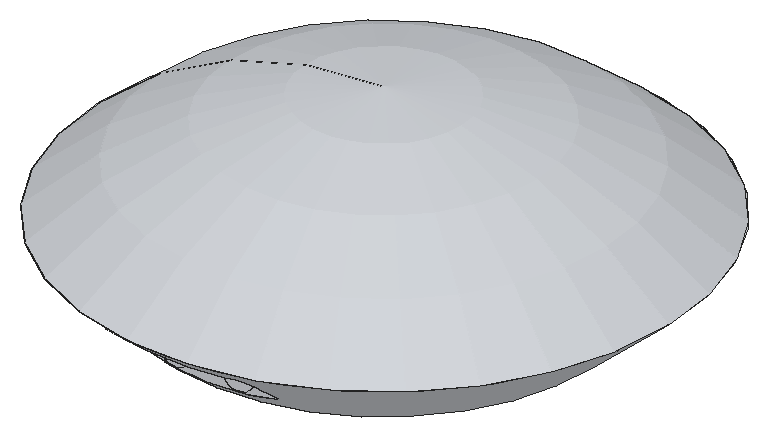
Revit family "0049004 Sylvania Lighting Fixture Start Surface IP66 1450lm 830 MW IK10 WHT", category Lighting Fixtures, host Face, Revit 2016
Family settings
  Host = Face
  Part Type = Normal
  Round Connector Dimension = Use Diameter
  OmniClass Number = 23.80.70.00
  OmniClass Title = Lighting
  Cut with Voids When Loaded = No
  Light Source = Yes
  Shared = No
  Room Calculation Point = No
Parameters (values of type "Type Name")
  power entry width = 90 mm
  power entry height = 28 mm
  power connector height = 12.5 mm
  power connector centres = 39 mm
  height = 110 mm
  connector position 2 = 40 mm
  connector length = 2 mm
  base height = 40 mm
  backplate diameter = 256 mm
  Weight = ""
  Wattage Comments = ""
  Wattage = 9.2903 W
  WarrantyStartDate [instance] = "n/a"
  WarrantyGuarantorParts = "n/a"
  WarrantyDurationUnit = "n/a"
  WarrantyDurationParts = "n/a"
  WarrantyDescription = "n/a"
  built-in parameter 1150110 = 1 (stored number, unit not read)
  Voltage = 0 V
  URL = "http://www.feilosylvania.com"
  TypeName = ""
  Type Image = <None>
  Type Comments = "n/a"
  Tube Diameter = 80 mm
  built-in parameter 1114217 = 1 (stored number, unit not read)
  Tilt Angle = 90.00°
  built-in parameter 1150109 = 1 (stored number, unit not read)
  built-in parameter 1150134 = 3
  built-in parameter 1150113 = 1 (stored number, unit not read)
  SerialNumber [instance] = "n/a"
  Photometric Web File = "0049004-300mA.ies"
  Material_3_FEILO = none
  PowerFactor = 0
  PowerConsumption = ""
  NominalLength = 0 mm
  NominalHeight = 0 mm
  NominalDepth = 0 mm
  Name = ""
  ModelReference = Name  # ""
  ModelNumber = ""
  Model = Name  # ""
  Material = ""
  ManufacturerName = "Feilo Sylvania"
  Manufacturer = "Feilo Sylvania"
  LuminousEfficacy = ""
  built-in parameter 1150105 = 109.82 (stored number, unit not read)
  Lumens = 1380 lm
  LuminaireType = ""
  built-in parameter 1150115 = 1 (stored number, unit not read)
  LightOutputRatio = ""
  built-in parameter 1150137 = (empty or 0)
  built-in parameter 1150139 = (empty or 0)
  LampsType = Lamp  # ""
  LampNominalLuminous = ""
  LampMacAdamStep = ""
  LampColourTemperature = ""
  LampColourRenderingIndex = ""
  built-in parameter 1150112 = 1 (stored number, unit not read)
  built-in parameter 1150114 = 1 (stored number, unit not read)
  Lamp = ""
  Keynote = "16500"
  InstallationDate [instance] = "n/a"
  InputVoltage = ""
  InputNominalFrequency = ""
  built-in parameter 1150132 = (empty or 0)
  built-in parameter 1150102 = (empty or 0)
  built-in parameter 1150107 = 3200 (stored number, unit not read)
  built-in parameter 1150138 = (empty or 0)
  IngressProtection = ""
  ImpactProtectionIndex = ""
  built-in parameter 1150106 = 1.0982 (stored number, unit not read)
  IfcExportType = "IfcLightFixtureType"
  IfcExportAs = "IfcLightFixtureType"
  Height = 250 mm
  ExpectedLife = 50000
  Emit from Circle Diameter = 609.6 mm
  Emit Shape Visible in Rendering = no
  ElectricShockClassification = ""
  built-in parameter 1150104 = 13.8 (stored number, unit not read)
  DurationUnit = "hours"
  DocumentationLiterature = ""
  DimmingControlOptions = ""
  Material_2_FEILO = none
  Dimming Lamp Color Temperature Shift = <None>
  Diameter = 350 mm
  Description = ""
  Default Elevation = 1219.2 mm
  CreatedOn = ""
  CreatedBy = ""
  Cost = 0
  Color Filter = 16777215
  built-in parameter 1114216 [instance] = (empty or 0)
  ClassificationValue = "EF_70_80"
  ClassificationName = "Uniclass2015"
  Material_1_FEILO = none
  BarCode [instance] = "n/a"
  built-in parameter 1114218 = 1 (stored number, unit not read)
  built-in parameter 1150133 = 10 (stored number, unit not read)
  AssetType = ""
  AssetIdentifier [instance] = "n/a"
  Assembly Code = "D5020200"
  Apparent Load = 0 VA
  Material_4_FEILO = none
Reference planes
  plane 1 "Center (Front/Back)": y = 0
  plane 2: z = 0
  plane 3 "Center (Left/Right)": x = 0
  plane 4: z = 0
  plane 5: y = 128
  plane 6: y = -128
  plane 7: y = 175
  plane 8: y = -175
  plane 9: z = 40
  plane 10: z = 110
  plane 11: x = -45.686
  plane 12: x = 44.314
  plane 13: z = 5
  plane 14: z = 33
  plane 15: y = -135
  plane 16: x = 19.5
  plane 17: x = -19.5
  plane 18: z = 20.5
  plane 19: y = -137
  plane 20: y = 135
Forms (mm)
  Blend 1, solid, detail levels medium+fine
    base sketch origin (4.2, 0, 0) x (1, 0, 0) y (0, 1, 0)
      loop
        circle (-4.2, 0) r 128
    top sketch origin (4.2, 0, 0) x (1, 0, 0) y (0, 1, 0)
      loop
        circle (-4.2, 0) r 175
    from 0 to 40
  Revolve 2, solid, detail levels medium+fine
    sketch origin (0, 0, 0) x (1, 0, 0) y (0, 0, 1)
      loop
        arc (175, 40) -> (94.148, 91.621) -> (0, 110) r 257.018
        line (0, 110) -> (0, 40) -> (175, 40)
      axis (0, 110) -> (0, 40)
    angle from -180 to 179.914
  Extrusion 3, void
    sketch origin (0, 0, 0) x (1, 0, 0) y (0, 0, 1)
      loop
        line (-45.686, 25.025) -> (-45.686, 5) -> (44.314, 5) -> (44.314, 25.025)
        arc (44.314, 25.025) -> (42.644, 30.018) -> (38.304, 33) r 8.297
        line (38.304, 33) -> (-39.676, 33)
        arc (-39.676, 33) -> (-44.015, 30.018) -> (-45.686, 25.025) r 8.297
    from 135 to 166.869
  Extrusion 4, solid, detail levels fine
    sketch origin (1524, -324.9, 1219.2) x (1, 0, 0) y (0, 0, 1)
      loop
        circle (-1504.5, -1198.7) r 11
      loop
        circle (-1543.5, -1198.7) r 11
    from -189.9 to -187.9
  Extrusion 5, void
    sketch origin (-0.686, -5.131, 0) x (-1, 0, 0) y (0, 0, 1)
      loop
        line (-45.686, 25.025) -> (-45.686, 5) -> (44.314, 5) -> (44.314, 25.025)
        arc (44.314, 25.025) -> (42.644, 30.018) -> (38.304, 33) r 8.297
        line (38.304, 33) -> (-39.676, 33)
        arc (-39.676, 33) -> (-44.015, 30.018) -> (-45.686, 25.025) r 8.297
    from 140.131 to 175.131
  Extrusion 6, solid
    sketch origin (1524, -52.9, 1219.2) x (1, 0, 0) y (0, 0, 1)
      loop
        circle (-1504.5, -1198.7) r 11
      loop
        circle (-1543.5, -1198.7) r 11
    from -189.9 to -187.9
  Extrusion 7, solid, detail levels coarse
    sketch origin (0, 1219.2, 38) x (1, 0, 0) y (0, 1, 0)
      loop
        line (175.117, -1396.13) -> (175.117, -1044.2) -> (-175, -1044.2) -> (-175, -1396.13) -> (175.117, -1396.13)
    from -38 to 72
Cuts and joins
  Extrusion 3, Extrusion 5 cuts Blend 1
  Extrusion 5 cuts Extrusion 4
Dimensions and locks
  "backplate diameter": plane 5 to plane 6
  equal spacing: plane 5, plane 1 "Center (Front/Back)", plane 6
  "Diameter": plane 7 to plane 8
  equal spacing: plane 7, plane 1 "Center (Front/Back)", plane 8
  "base height": plane 9 to level
  "height": plane 10 to host face
  "power entry width": plane 12 to plane 11
  plane 12 to imposter light to plane 11 = 44.201 mm, 45.799 mm
  "power entry height": plane 14 to plane 13
  "power connector centres": plane 17 to plane 16
  equal spacing: plane 17, plane 3 "Center (Left/Right)", plane 16
  "power connector height": plane 18 to plane 14
  "connector length": plane 15 to plane 19
  "connector position 2": plane 7 to plane 20
  aligned and locked: plane 2 to host face
  aligned and locked: level to host face
  aligned and locked: plane 10 to Extrusion 7
Automatic sketch dimensions
  host sketch curve to host sketch curve = 2438.4 mm  (x2)
  plane 1 "Center (Front/Back)" to Blend 1 sketch curve = 0 mm  (x2)
  Blend 1 sketch curve to plane 3 "Center (Left/Right)" = 0 mm  (x2)
  Revolve 2 sketch curve to plane 3 "Center (Left/Right)" = 0 mm  (x2)
  Revolve 2 sketch curve to plane 9 = 0 mm
  Revolve 2 sketch curve to plane 10 = 0 mm
  Revolve 2 sketch curve to plane 3 "Center (Left/Right)" = 1.306 mm
  plane 3 "Center (Left/Right)" to Revolve 2 sketch curve = 175 mm
  Revolve 2 sketch curve to level = 47.821 mm
  Revolve 2 sketch curve to Revolve 2 sketch curve = 80 mm
  Extrusion 3 sketch curve to plane 11 = 0 mm
  Extrusion 3 sketch curve to plane 14 = 0 mm
  Extrusion 3 sketch curve to plane 12 = 0 mm
  Extrusion 3 sketch curve to plane 13 = 0 mm
  plane 11 to Extrusion 3 sketch curve = 6.01 mm
  plane 18 to Extrusion 3 sketch curve = 4.525 mm  (x2)
  Extrusion 3 sketch curve to Extrusion 3 sketch curve = 8.297 mm
  plane 17 to Extrusion 4 sketch curve = 0 mm
  plane 16 to Extrusion 4 sketch curve = 0 mm
  Extrusion 4 sketch curve to plane 18 = 0 mm  (x2)
  Extrusion 5 sketch curve to plane 13 = 0 mm
  Extrusion 5 sketch curve to plane 14 = 0 mm
  plane 12 to Extrusion 5 sketch curve = 0.686 mm
  Extrusion 5 sketch curve to plane 12 = 5.324 mm
  plane 18 to Extrusion 5 sketch curve = 4.525 mm
  plane 11 to Extrusion 5 sketch curve = 8.982 mm
  plane 11 to Extrusion 5 sketch curve = 6.696 mm
  plane 11 to Extrusion 5 sketch curve = 0.686 mm
  plane 17 to Extrusion 6 sketch curve = 0 mm
  plane 16 to Extrusion 6 sketch curve = 0 mm
  Extrusion 6 sketch curve to plane 18 = 0 mm  (x2)
  Extrusion 7 sketch curve to plane 8 = 1.93 mm
  Extrusion 7 sketch curve to plane 11 = 129.314 mm
  plane 12 to Extrusion 7 sketch curve = 130.802 mm
  plane 5 to Extrusion 7 sketch curve = 47 mm
  radius of Blend 1 sketch curve = 128 mm
  radius of Blend 1 sketch curve = 175 mm
  radius of Extrusion 4 sketch curve = 11 mm  (x2)
  radius of Extrusion 6 sketch curve = 11 mm  (x2)
Connectors
  electrical at (19.5, 137, 20.5)
    settings: on Extrusion 6, index 1, voltage 0 V, apparent load 0 VA, apparent load phase1 0 VA, apparent load phase2 0 VA, apparent load phase3 0 VA, power factor 1, load classification "Other", number of poles 1, system type 31, power factor state 1, is connector primary yes, connector utility no, sub classification motor no, connector description ""
